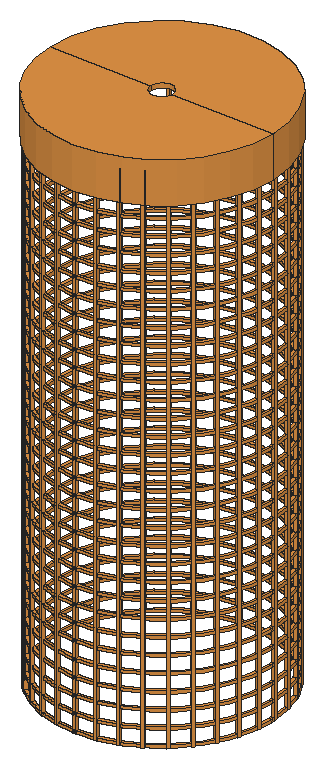
Revit family "CG512", category Lighting Fixtures, Revit 2024
Family settings
  Round Connector Dimension = Use Diameter
  Part Type = Normal
  OmniClass Number = 23.80.70.00
  OmniClass Title = Lighting
  Work Plane-Based = No
  Always vertical = Yes
  Cut with Voids When Loaded = No
  Light Source = No
  Maintain Annotation Orientation = No
  Shared = No
  Room Calculation Point = No
Parameters
  Default Elevation = 0' - 0"
Reference planes (in)
  plane 1 "Light Source Axis (F/B)": y = 0
  plane 2: z = 0
  plane 3 "Light Source Axis (L/R)": x = 0
  plane 4 "Light Source Elevation": z = 54
Forms (in)
  Sweep 1, solid, material "FC", not visible
    path origin (75.968, 0, 0.00093) x (1, 0, 0) y (0, 0, 1)
      loop
        arc (-4.5864, 68.3252) -> (-8.91952, 61.72019) -> (-10.59309, 54) r 21.63816
    profile origin (67.04848, 0, 61.72112) x (0.922209, 0, -0.386691) y (0, -1, 0)
      loop
        circle (0, 0) r 0.03125
  Extrusion 2, solid, material "61", not visible
    sketch origin (21.22004, 0.07031, 3.70715) x (1, 0, 0) y (0, 1, 0)
      loop
        arc (0.70087, 4.42509) -> (0.0002, 4.48026) -> (-0.70003, 4.41981) r 4.27232
        line (-0.70003, 4.41981) -> (-0.65367, 4.12712)
        arc (-0.65367, 4.12712) -> (0, 4.17857) -> (0.65367, 4.12712) r 4.17857
        line (0.65367, 4.12712) -> (0.70087, 4.42509)
    from 66 to 73.80732
  Revolve 3, solid, material "79"
    sketch origin (0, 0, 0) x (1, 0, 0) y (0, 0, 1)
      loop
        line (2.4993, 64.81006) -> (2.43701, 64.81006) -> (2.43701, 64.74777) -> (2.4993, 64.74777) -> (2.4993, 64.81006)
      loop
        line (2.4993, 64.4408) -> (2.43701, 64.4408) -> (2.43701, 64.37851) -> (2.4993, 64.37851) -> (2.4993, 64.4408)
      loop
        line (2.4993, 64.06883) -> (2.43701, 64.06883) -> (2.43701, 64.00654) -> (2.4993, 64.00654) -> (2.4993, 64.06883)
      loop
        line (2.4993, 63.69822) -> (2.43701, 63.69822) -> (2.43701, 63.63593) -> (2.4993, 63.63593) -> (2.4993, 63.69822)
      loop
        line (2.4993, 63.32761) -> (2.43701, 63.32761) -> (2.43701, 63.26532) -> (2.4993, 63.26532) -> (2.4993, 63.32761)
      loop
        line (2.4993, 62.95699) -> (2.43701, 62.95699) -> (2.43701, 62.89471) -> (2.4993, 62.89471) -> (2.4993, 62.95699)
      loop
        line (2.4993, 62.58638) -> (2.43701, 62.58638) -> (2.43701, 62.52409) -> (2.4993, 62.52409) -> (2.4993, 62.58638)
      loop
        line (2.4993, 62.21577) -> (2.43701, 62.21577) -> (2.43701, 62.15348) -> (2.4993, 62.15348) -> (2.4993, 62.21577)
      loop
        line (2.4993, 61.84516) -> (2.43701, 61.84516) -> (2.43701, 61.78287) -> (2.4993, 61.78287) -> (2.4993, 61.84516)
      loop
        line (2.4993, 61.47454) -> (2.43701, 61.47454) -> (2.43701, 61.41225) -> (2.4993, 61.41225) -> (2.4993, 61.47454)
      loop
        line (2.4993, 61.10393) -> (2.43701, 61.10393) -> (2.43701, 61.04164) -> (2.4993, 61.04164) -> (2.4993, 61.10393)
      loop
        line (2.4993, 60.73332) -> (2.43701, 60.73332) -> (2.43701, 60.67103) -> (2.4993, 60.67103) -> (2.4993, 60.73332)
      loop
        line (2.4993, 60.3627) -> (2.43701, 60.3627) -> (2.43701, 60.30042) -> (2.4993, 60.30042) -> (2.4993, 60.3627)
      loop
        line (2.4993, 59.99209) -> (2.43701, 59.99209) -> (2.43701, 59.9298) -> (2.4993, 59.9298) -> (2.4993, 59.99209)
      loop
        line (2.4993, 59.62148) -> (2.43701, 59.62148) -> (2.43701, 59.55919) -> (2.4993, 59.55919) -> (2.4993, 59.62148)
      loop
        line (2.4993, 59.25087) -> (2.43701, 59.25087) -> (2.43701, 59.18858) -> (2.4993, 59.18858) -> (2.4993, 59.25087)
      loop
        line (2.4993, 58.88025) -> (2.43701, 58.88025) -> (2.43701, 58.81797) -> (2.4993, 58.81797) -> (2.4993, 58.88025)
      loop
        line (2.4993, 58.50964) -> (2.43701, 58.50964) -> (2.43701, 58.44735) -> (2.4993, 58.44735) -> (2.4993, 58.50964)
      loop
        line (2.4993, 58.13903) -> (2.43701, 58.13903) -> (2.43701, 58.07674) -> (2.4993, 58.07674) -> (2.4993, 58.13903)
      loop
        line (2.4993, 57.76842) -> (2.43701, 57.76842) -> (2.43701, 57.70613) -> (2.4993, 57.70613) -> (2.4993, 57.76842)
      loop
        line (2.4993, 57.3978) -> (2.43701, 57.3978) -> (2.43701, 57.33551) -> (2.4993, 57.33551) -> (2.4993, 57.3978)
      loop
        line (2.4993, 57.02719) -> (2.43701, 57.02719) -> (2.43701, 56.9649) -> (2.4993, 56.9649) -> (2.4993, 57.02719)
      loop
        line (2.4993, 56.65658) -> (2.43701, 56.65658) -> (2.43701, 56.59429) -> (2.4993, 56.59429) -> (2.4993, 56.65658)
      loop
        line (2.4993, 56.28596) -> (2.43701, 56.28596) -> (2.43701, 56.22368) -> (2.4993, 56.22368) -> (2.4993, 56.28596)
      loop
        line (2.4993, 55.91535) -> (2.43701, 55.91535) -> (2.43701, 55.85306) -> (2.4993, 55.85306) -> (2.4993, 55.91535)
      loop
        line (2.4993, 55.54474) -> (2.43701, 55.54474) -> (2.43701, 55.48245) -> (2.4993, 55.48245) -> (2.4993, 55.54474)
      loop
        line (2.4993, 55.17413) -> (2.43701, 55.17413) -> (2.43701, 55.11184) -> (2.4993, 55.11184) -> (2.4993, 55.17413)
      loop
        line (2.4993, 54.80351) -> (2.43701, 54.80351) -> (2.43701, 54.74123) -> (2.4993, 54.74123) -> (2.4993, 54.80351)
      loop
        line (2.4993, 54.4329) -> (2.43701, 54.4329) -> (2.43701, 54.37061) -> (2.4993, 54.37061) -> (2.4993, 54.4329)
      loop
        line (2.4993, 54.06229) -> (2.43701, 54.06229) -> (2.43701, 54) -> (2.4993, 54) -> (2.4993, 54.06229)
      loop
        line (0.25, 66) -> (0.25, 65.90625) -> (2.43669, 65.90625) -> (2.43669, 65.06553) -> (2.53044, 65.06553) -> (2.53044, 66) -> (0.25, 66)
      axis (0, 66) -> (0, 54)
    angle from 0 to 360
  Extrusion 4, solid, material "79"
    sketch origin (0, 0, 0) x (1, 0, 0) y (0, 0, 1)
      loop
        line (-0.03114, 65.81219) -> (-0.03114, 54) -> (0.03114, 54) -> (0.03114, 65.81219) -> (-0.03114, 65.81219)
    from 2.43701 to 2.4993
  Extrusion 5, solid, material "79"
    sketch origin (0, 0, 0) x (0.98393, -0.178557, 0) y (0, 0, 1)
      loop
        line (-0.03114, 65.81219) -> (-0.03114, 54) -> (0.03114, 54) -> (0.03114, 65.81219) -> (-0.03114, 65.81219)
    from 2.43701 to 2.4993
  Extrusion 6, solid, material "79"
    sketch origin (0, 0, 0) x (0.98393, 0.178557, 0) y (0, 0, 1)
      loop
        line (-0.03114, 65.81219) -> (-0.03114, 54) -> (0.03114, 54) -> (0.03114, 65.81219) -> (-0.03114, 65.81219)
    from 2.43701 to 2.4993
  Extrusion 7, solid, material "79"
    sketch origin (0, 0, 0) x (0.936235, 0.351375, 0) y (0, 0, 1)
      loop
        line (-0.03114, 65.81219) -> (-0.03114, 54) -> (0.03114, 54) -> (0.03114, 65.81219) -> (-0.03114, 65.81219)
    from 2.43701 to 2.4993
  Extrusion 8, solid, material "79"
    sketch origin (0, 0, 0) x (0.858449, 0.512899, 0) y (0, 0, 1)
      loop
        line (-0.03114, 65.81219) -> (-0.03114, 54) -> (0.03114, 54) -> (0.03114, 65.81219) -> (-0.03114, 65.81219)
    from 2.43701 to 2.4993
  Extrusion 9, solid, material "79"
    sketch origin (0, 0, 0) x (0.753071, 0.657939, 0) y (0, 0, 1)
      loop
        line (-0.03114, 65.81219) -> (-0.03114, 54) -> (0.03114, 54) -> (0.03114, 65.81219) -> (-0.03114, 65.81219)
    from 2.43701 to 2.4993
  Extrusion 10, solid, material "79"
    sketch origin (0, 0, 0) x (0.62349, 0.781831, 0) y (0, 0, 1)
      loop
        line (-0.03114, 65.81219) -> (-0.03114, 54) -> (0.03114, 54) -> (0.03114, 65.81219) -> (-0.03114, 65.81219)
    from 2.43701 to 2.4993
  Extrusion 11, solid, material "79"
    sketch origin (0, 0, 0) x (0.473869, 0.880596, 0) y (0, 0, 1)
      loop
        line (-0.03114, 65.81219) -> (-0.03114, 54) -> (0.03114, 54) -> (0.03114, 65.81219) -> (-0.03114, 65.81219)
    from 2.43701 to 2.4993
  Extrusion 12, solid, material "79"
    sketch origin (0, 0, 0) x (0.309017, 0.951057, 0) y (0, 0, 1)
      loop
        line (-0.03114, 65.81219) -> (-0.03114, 54) -> (0.03114, 54) -> (0.03114, 65.81219) -> (-0.03114, 65.81219)
    from 2.43701 to 2.4993
  Extrusion 13, solid, material "79"
    sketch origin (0, 0, 0) x (0.134233, 0.99095, 0) y (0, 0, 1)
      loop
        line (-0.03114, 65.81219) -> (-0.03114, 54) -> (0.03114, 54) -> (0.03114, 65.81219) -> (-0.03114, 65.81219)
    from 2.43701 to 2.4993
  Extrusion 14, solid, material "79"
    sketch origin (0, 0, 0) x (-0.044865, 0.998993, 0) y (0, 0, 1)
      loop
        line (-0.03114, 65.81219) -> (-0.03114, 54) -> (0.03114, 54) -> (0.03114, 65.81219) -> (-0.03114, 65.81219)
    from 2.43701 to 2.4993
  Extrusion 15, solid, material "79"
    sketch origin (0, 0, 0) x (-0.222521, 0.974928, 0) y (0, 0, 1)
      loop
        line (-0.03114, 65.81219) -> (-0.03114, 54) -> (0.03114, 54) -> (0.03114, 65.81219) -> (-0.03114, 65.81219)
    from 2.43701 to 2.4993
  Extrusion 16, solid, material "79"
    sketch origin (0, 0, 0) x (-0.393025, 0.919528, 0) y (0, 0, 1)
      loop
        line (-0.03114, 65.81219) -> (-0.03114, 54) -> (0.03114, 54) -> (0.03114, 65.81219) -> (-0.03114, 65.81219)
    from 2.43701 to 2.4993
  Extrusion 17, solid, material "79"
    sketch origin (0, 0, 0) x (-0.550897, 0.834573, 0) y (0, 0, 1)
      loop
        line (-0.03114, 65.81219) -> (-0.03114, 54) -> (0.03114, 54) -> (0.03114, 65.81219) -> (-0.03114, 65.81219)
    from 2.43701 to 2.4993
  Extrusion 18, solid, material "79"
    sketch origin (0, 0, 0) x (-0.691063, 0.722795, 0) y (0, 0, 1)
      loop
        line (-0.03114, 65.81219) -> (-0.03114, 54) -> (0.03114, 54) -> (0.03114, 65.81219) -> (-0.03114, 65.81219)
    from 2.43701 to 2.4993
  Extrusion 19, solid, material "79"
    sketch origin (0, 0, 0) x (-0.809017, 0.587785, 0) y (0, 0, 1)
      loop
        line (-0.03114, 65.81219) -> (-0.03114, 54) -> (0.03114, 54) -> (0.03114, 65.81219) -> (-0.03114, 65.81219)
    from 2.43701 to 2.4993
  Extrusion 20, solid, material "79"
    sketch origin (0, 0, 0) x (-0.900969, 0.433884, 0) y (0, 0, 1)
      loop
        line (-0.03114, 65.81219) -> (-0.03114, 54) -> (0.03114, 54) -> (0.03114, 65.81219) -> (-0.03114, 65.81219)
    from 2.43701 to 2.4993
  Extrusion 21, solid, material "79"
    sketch origin (0, 0, 0) x (-0.963963, 0.266037, 0) y (0, 0, 1)
      loop
        line (-0.03114, 65.81219) -> (-0.03114, 54) -> (0.03114, 54) -> (0.03114, 65.81219) -> (-0.03114, 65.81219)
    from 2.43701 to 2.4993
  Extrusion 22, solid, material "79"
    sketch origin (0, 0, 0) x (-0.995974, 0.089639, 0) y (0, 0, 1)
      loop
        line (-0.03114, 65.81219) -> (-0.03114, 54) -> (0.03114, 54) -> (0.03114, 65.81219) -> (-0.03114, 65.81219)
    from 2.43701 to 2.4993
  Extrusion 23, solid, material "79"
    sketch origin (0, 0, 0) x (-0.995974, -0.089639, 0) y (0, 0, 1)
      loop
        line (-0.03114, 65.81219) -> (-0.03114, 54) -> (0.03114, 54) -> (0.03114, 65.81219) -> (-0.03114, 65.81219)
    from 2.43701 to 2.4993
  Extrusion 24, solid, material "79"
    sketch origin (0, 0, 0) x (-0.963963, -0.266037, 0) y (0, 0, 1)
      loop
        line (-0.03114, 65.81219) -> (-0.03114, 54) -> (0.03114, 54) -> (0.03114, 65.81219) -> (-0.03114, 65.81219)
    from 2.43701 to 2.4993
  Extrusion 25, solid, material "79"
    sketch origin (0, 0, 0) x (-0.900969, -0.433884, 0) y (0, 0, 1)
      loop
        line (-0.03114, 65.81219) -> (-0.03114, 54) -> (0.03114, 54) -> (0.03114, 65.81219) -> (-0.03114, 65.81219)
    from 2.43701 to 2.4993
  Extrusion 26, solid, material "79"
    sketch origin (0, 0, 0) x (-0.809017, -0.587785, 0) y (0, 0, 1)
      loop
        line (-0.03114, 65.81219) -> (-0.03114, 54) -> (0.03114, 54) -> (0.03114, 65.81219) -> (-0.03114, 65.81219)
    from 2.43701 to 2.4993
  Extrusion 27, solid, material "79"
    sketch origin (0, 0, 0) x (-0.691063, -0.722795, 0) y (0, 0, 1)
      loop
        line (-0.03114, 65.81219) -> (-0.03114, 54) -> (0.03114, 54) -> (0.03114, 65.81219) -> (-0.03114, 65.81219)
    from 2.43701 to 2.4993
  Extrusion 28, solid, material "79"
    sketch origin (0, 0, 0) x (-0.550897, -0.834573, 0) y (0, 0, 1)
      loop
        line (-0.03114, 65.81219) -> (-0.03114, 54) -> (0.03114, 54) -> (0.03114, 65.81219) -> (-0.03114, 65.81219)
    from 2.43701 to 2.4993
  Extrusion 29, solid, material "79"
    sketch origin (0, 0, 0) x (-0.393025, -0.919528, 0) y (0, 0, 1)
      loop
        line (-0.03114, 65.81219) -> (-0.03114, 54) -> (0.03114, 54) -> (0.03114, 65.81219) -> (-0.03114, 65.81219)
    from 2.43701 to 2.4993
  Extrusion 30, solid, material "79"
    sketch origin (0, 0, 0) x (-0.222521, -0.974928, 0) y (0, 0, 1)
      loop
        line (-0.03114, 65.81219) -> (-0.03114, 54) -> (0.03114, 54) -> (0.03114, 65.81219) -> (-0.03114, 65.81219)
    from 2.43701 to 2.4993
  Extrusion 31, solid, material "79"
    sketch origin (0, 0, 0) x (-0.044865, -0.998993, 0) y (0, 0, 1)
      loop
        line (-0.03114, 65.81219) -> (-0.03114, 54) -> (0.03114, 54) -> (0.03114, 65.81219) -> (-0.03114, 65.81219)
    from 2.43701 to 2.4993
  Extrusion 32, solid, material "79"
    sketch origin (0, 0, 0) x (0.134233, -0.99095, 0) y (0, 0, 1)
      loop
        line (-0.03114, 65.81219) -> (-0.03114, 54) -> (0.03114, 54) -> (0.03114, 65.81219) -> (-0.03114, 65.81219)
    from 2.43701 to 2.4993
  Extrusion 33, solid, material "79"
    sketch origin (0, 0, 0) x (0.309017, -0.951057, 0) y (0, 0, 1)
      loop
        line (-0.03114, 65.81219) -> (-0.03114, 54) -> (0.03114, 54) -> (0.03114, 65.81219) -> (-0.03114, 65.81219)
    from 2.43701 to 2.4993
  Extrusion 34, solid, material "79"
    sketch origin (0, 0, 0) x (0.473869, -0.880596, 0) y (0, 0, 1)
      loop
        line (-0.03114, 65.81219) -> (-0.03114, 54) -> (0.03114, 54) -> (0.03114, 65.81219) -> (-0.03114, 65.81219)
    from 2.43701 to 2.4993
  Extrusion 35, solid, material "79"
    sketch origin (0, 0, 0) x (0.62349, -0.781831, 0) y (0, 0, 1)
      loop
        line (-0.03114, 65.81219) -> (-0.03114, 54) -> (0.03114, 54) -> (0.03114, 65.81219) -> (-0.03114, 65.81219)
    from 2.43701 to 2.4993
  Extrusion 36, solid, material "79"
    sketch origin (0, 0, 0) x (0.753071, -0.657939, 0) y (0, 0, 1)
      loop
        line (-0.03114, 65.81219) -> (-0.03114, 54) -> (0.03114, 54) -> (0.03114, 65.81219) -> (-0.03114, 65.81219)
    from 2.43701 to 2.4993
  Extrusion 37, solid, material "79"
    sketch origin (0, 0, 0) x (0.858449, -0.512899, 0) y (0, 0, 1)
      loop
        line (-0.03114, 65.81219) -> (-0.03114, 54) -> (0.03114, 54) -> (0.03114, 65.81219) -> (-0.03114, 65.81219)
    from 2.43701 to 2.4993
  Extrusion 38, solid, material "79"
    sketch origin (0, 0, 0) x (0.936235, -0.351375, 0) y (0, 0, 1)
      loop
        line (-0.03114, 65.81219) -> (-0.03114, 54) -> (0.03114, 54) -> (0.03114, 65.81219) -> (-0.03114, 65.81219)
    from 2.43701 to 2.4993
Dimensions and locks (in)
  aligned and locked: level to plane 2
